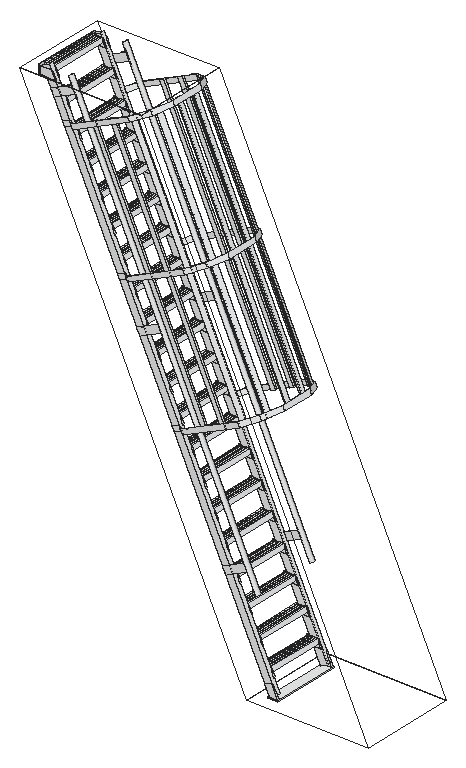
Revit family "Ladder_Step_Kattsafe", category Specialty Equipment, Revit 2025 (continued)
Definition of nested family "Z_Ladder_Kattsafe_Lockabledoor"
  Forms (mm)
    Extrusion 8, solid, detail levels medium+fine
      sketch origin (0, 0, 0) x (1, 0, 0) y (0, 0, -1)
        loop
          line (1041.5, -258.5) -> (1041.5, -268.5) -> (1057.5, -268.5) -> (1064, -316.5) -> (1186, -316.5) -> (1192.5, -268.5) -> (1208.5, -268.5) -> (1208.5, -258.5) -> (1183.5, -258.5) -> (1177, -306.5) -> (1073, -306.5) -> (1066.5, -258.5) -> (1041.5, -258.5)
      from 201 to 245
    Extrusion 9, solid, material <- "Material", detail levels medium+fine
      sketch origin (0, 0, 0) x (0, 1, 0) y (0, 0, 1)
        loop
          line (-300, 218.5) -> (-300, 268.5) -> (-306, 268.5) -> (-306, 224.5) -> (-400, 224.5) -> (-400, 218.5) -> (-300, 218.5)
        loop
          line (300, 218.5) -> (400, 218.5) -> (400, 224.5) -> (306, 224.5) -> (306, 268.5) -> (300, 268.5) -> (300, 218.5)
      from 2040 to 2090
    Extrusion 10, solid, material <- "Material", detail levels medium+fine
      sketch origin (0, 0, 0) x (0, 1, 0) y (0, 0, 1)
        loop
          line (393, 218.5) -> (343, 218.5) -> (343, 138.5) -> (349, 138.5) -> (349, 212.5) -> (393, 212.5) -> (393, 218.5)
        loop
          line (-393, 218.5) -> (-393, 212.5) -> (-349, 212.5) -> (-349, 138.5) -> (-343, 138.5) -> (-343, 218.5) -> (-393, 218.5)
      from 2040 to 2090
  Dimensions and locks
    "Length": plane 3 "Left" to plane 4 "Right"
    locked: plane 5 to plane 6 at 2
    equal spacing: plane 7 "Back", plane 1 "Center (Front/Back)", plane 8 "Front"
    "Depth": plane 7 "Back" to plane 8 "Front"
    locked: plane 3 "Left" to plane 9 at 5
    locked: plane 12 to plane 7 "Back" at 5
    locked: plane 10 to plane 8 "Front" at 5
    locked: plane 11 to plane 4 "Right" at 5
    locked: plane 3 "Left" to plane 13 at 58
    locked: plane 16 to plane 4 "Right" at 58
    locked: plane 14 to plane 8 "Front" at 58
    locked: plane 7 "Back" to plane 15 at 58
    equal spacing: plane 3 "Left", plane 17, plane 4 "Right"
    Extrusion 1 sketch curve to plane 17 to Extrusion 1 sketch curve = 29 mm locked, 29 mm locked
    locked: plane 6 to plane 18 at 38
    "HostOffset": plane 18 to plane 2
    locked: plane 19 "BracketTopFace" to plane 3 "Left" at 10
    locked: plane 20 to plane 21 at 38
    locked: Extrusion 4 sketch curve to Extrusion 3 at 6
    locked: plane 23 to plane 20 at 6
    locked: plane 21 to plane 22 at 6
    locked: plane 21 to plane 8 "Front" at 10
    locked: plane 24 to plane 25 at 38
    locked: Extrusion 6 sketch curve to Extrusion 5 at 6
    locked: plane 27 to plane 24 at 6
    locked: plane 25 to plane 26 at 6
    locked: plane 25 to plane 7 "Back" at 10
    locked: plane 31 to plane 30 at 44
    locked: plane 29 to plane 28 at 44
    locked: plane 28 to plane 8 "Front" at 55
    locked: plane 7 "Back" to plane 31 at 55
    locked: plane 4 "Right" to plane 32 at 160
    locked: plane 32 to plane 33 at 50
    locked: plane 8 "Front" to Extrusion 9 sketch curve at 6
    locked: Extrusion 9 sketch curve to plane 18 at 6  (x2)
    locked: Extrusion 9 sketch curve to plane 7 "Back" at 6
    Extrusion 9 sketch curve to plane 7 "Back" = 100 mm
    locked: Extrusion 9 sketch curve to plane 18 at 50  (x2)
    locked: plane 8 "Front" to Extrusion 9 sketch curve at 100
    equal spacing: plane 34 "StileBack", plane 1 "Center (Front/Back)", plane 35 "StileFront"
    locked: plane 34 "StileBack" to plane 35 "StileFront" at 686
    Extrusion 10 sketch curve to Extrusion 10 sketch curve to plane 34 "StileBack" = 44 mm locked, 6 mm locked
    plane 35 "StileFront" to Extrusion 10 sketch curve to Extrusion 10 sketch curve = 6 mm locked, 44 mm locked
    plane 18 to Extrusion 10 sketch curve to Extrusion 10 sketch curve = 6 mm locked, 74 mm locked  (x2)
    aligned and locked: level to plane 2
    aligned and locked: Extrusion 1 to plane 3 "Left"
    aligned and locked: plane 4 "Right" to Extrusion 1
    aligned and locked: Extrusion 1 to plane 7 "Back"
    aligned and locked: Extrusion 1 to plane 8 "Front"
    aligned and locked: plane 15 to Extrusion 1 sketch curve
    aligned and locked: Extrusion 1 sketch curve to plane 15
    aligned and locked: Extrusion 1 sketch curve to plane 14  (x2)
    aligned and locked: plane 13 to Extrusion 1 sketch curve
    aligned and locked: Extrusion 1 sketch curve to plane 16
    aligned and locked: plane 6 to Extrusion 1
    aligned and locked: Extrusion 1 to plane 18
    aligned and locked: Extrusion 2 sketch curve to plane 12
    aligned and locked: Extrusion 2 sketch curve to plane 11
    aligned and locked: Extrusion 2 sketch curve to plane 10
    aligned and locked: Extrusion 2 sketch curve to plane 9
    aligned and locked: plane 5 to Extrusion 2
    aligned and locked: Extrusion 2 to plane 6
    aligned and locked: plane 21 to Extrusion 3
    aligned and locked: Extrusion 3 to plane 20
    aligned and locked: Extrusion 3 sketch curve to plane 18
    aligned and locked: Extrusion 4 sketch curve to Extrusion 3
    aligned and locked: Extrusion 4 to plane 23
    aligned and locked: plane 22 to Extrusion 4
    aligned and locked: Extrusion 5 to plane 25
    aligned and locked: plane 24 to Extrusion 5
    aligned and locked: Extrusion 6 sketch curve to Extrusion 5
    aligned and locked: plane 27 to Extrusion 6
    aligned and locked: Extrusion 6 to plane 26
    aligned and locked: plane 31 to Extrusion 8
    aligned and locked: Extrusion 8 to plane 30
    aligned and locked: Extrusion 7 to plane 28
    aligned and locked: plane 29 to Extrusion 7
    aligned and locked: plane 18 to Extrusion 9 sketch curve
    aligned and locked: plane 8 "Front" to Extrusion 9 sketch curve
    aligned and locked: plane 32 to Extrusion 9
    aligned and locked: Extrusion 9 to plane 33
    aligned and locked: Extrusion 10 sketch curve to plane 18
    aligned and locked: Extrusion 10 sketch curve to plane 35 "StileFront"
    aligned and locked: Extrusion 10 sketch curve to plane 34 "StileBack"
    aligned and locked: Extrusion 10 to plane 32
    aligned and locked: Extrusion 10 to plane 33
  Automatic sketch dimensions
    Extrusion 1 sketch curve to plane 3 "Left" = 0 mm
    Extrusion 1 sketch curve to plane 4 "Right" = 0 mm
    Extrusion 1 sketch curve to plane 8 "Front" = 0 mm
    plane 7 "Back" to Extrusion 1 sketch curve = 0 mm
    Extrusion 3 sketch curve to plane 19 "BracketTopFace" = 0 mm
    Extrusion 3 sketch curve to plane 3 "Left" = 22.964 mm
    plane 19 "BracketTopFace" to Extrusion 3 sketch curve = 19.602 mm
    Extrusion 3 sketch curve to Extrusion 3 sketch curve = 63.996 mm
    Extrusion 4 sketch curve to plane 3 "Left" = 25.5 mm
    plane 13 to Extrusion 4 sketch curve = 25.257 mm
    Extrusion 5 sketch curve to plane 18 = 0 mm
    Extrusion 5 sketch curve to plane 19 "BracketTopFace" = 0 mm
    Extrusion 5 sketch curve to plane 3 "Left" = 22.964 mm
    plane 19 "BracketTopFace" to Extrusion 5 sketch curve = 19.602 mm
    Extrusion 5 sketch curve to Extrusion 5 sketch curve = 63.996 mm
    Extrusion 6 sketch curve to plane 3 "Left" = 25.5 mm
    plane 13 to Extrusion 6 sketch curve = 25.257 mm
    Extrusion 7 sketch curve to plane 5 = 0 mm  (x2)
    plane 5 to Extrusion 7 sketch curve = 10 mm  (x2)
    Extrusion 7 sketch curve to plane 17 = 83.5 mm
    Extrusion 7 sketch curve to Extrusion 7 sketch curve = 16 mm  (x2)
    Extrusion 7 sketch curve to Extrusion 7 sketch curve = 6.5 mm  (x2)
    Extrusion 7 sketch curve to Extrusion 7 sketch curve = 9 mm  (x4)
    plane 17 to Extrusion 7 sketch curve = 52 mm
    Extrusion 7 sketch curve to Extrusion 7 sketch curve = 38 mm
    Extrusion 7 sketch curve to Extrusion 7 sketch curve = 10 mm
    Extrusion 8 sketch curve to plane 5 = 0 mm  (x2)
    plane 5 to Extrusion 8 sketch curve = 10 mm  (x2)
    Extrusion 8 sketch curve to plane 17 = 83.5 mm
    Extrusion 8 sketch curve to Extrusion 8 sketch curve = 16 mm  (x2)
    Extrusion 8 sketch curve to Extrusion 8 sketch curve = 6.5 mm  (x2)
    Extrusion 8 sketch curve to Extrusion 8 sketch curve = 9 mm  (x4)
    plane 17 to Extrusion 8 sketch curve = 52 mm
    Extrusion 8 sketch curve to Extrusion 8 sketch curve = 38 mm
    Extrusion 8 sketch curve to Extrusion 8 sketch curve = 10 mm
    Extrusion 9 sketch curve to plane 7 "Back" = 0 mm
    Extrusion 9 sketch curve to plane 18 = 0 mm
    Extrusion 10 sketch curve to plane 18 = 0 mm
Types (6, lengths in mm): name | Type Comments | TreadCountValid | ShowCageValid | Model | MidCageLoop | ManufacturerSpecCode | ManufacturerOverallWidth | ManufacturerOverallHeight | ManufacturerOverallDepth | HandrailLength | DesiredLadderHeight | CageLength | AngledHandrailLengthValid
  1.0m Height (ST570M.1000) | "Modular Step Ladder - No Platform - 1000mm Height" | 4 | no | "ST570M.1000" | no | "ST570M.1000" | 591.908 | 1000 | 753 | 600 | 1000 | 100 | 286.571
  2.0m Height (ST570M.2000) | "Modular Step Ladder - No Platform - 2000mm Height" | 8 | no | "ST570M.2000" | no | "ST570M.2000" | 1058.215 | 2000 | 753 | 1224.723 | 2000 | 100 | 550.59
  3.0m Height (ST570M.3000) | "Modular Step Ladder - No Platform - 3000mm Height" | 12 | no | "ST570M.3000" | no | "ST570M.3000" | 1524.523 | 3000 | 753 | 2328.1 | 3000 | 503.04 | 1016.898
  4.0m Height (ST570M.4000) | "Modular Step Ladder - No Platform - 4000mm Height" | 16 | yes | "ST570M.4000" | no | "ST570M.4000" | 1990.831 | 4000 | 896 | 3431.478 | 4000 | 1606.418 | 1483.205
  5.0m Height (ST570M.5000) | "Modular Step Ladder - No Platform - 5000mm Height" | 20 | yes | "ST570M.5000" | yes | "ST570M.5000" | 2457.138 | 5000 | 896 | 4534.856 | 5000 | 2709.796 | 1949.513
  6.0m Height (ST570M.6000) | "Modular Step Ladder - No Platform - 6000mm Height" | 24 | yes | "ST570M.6000" | yes | "ST570M.6000" | 2923.446 | 6000 | 896 | 5638.234 | 6000 | 3813.174 | 2415.821
